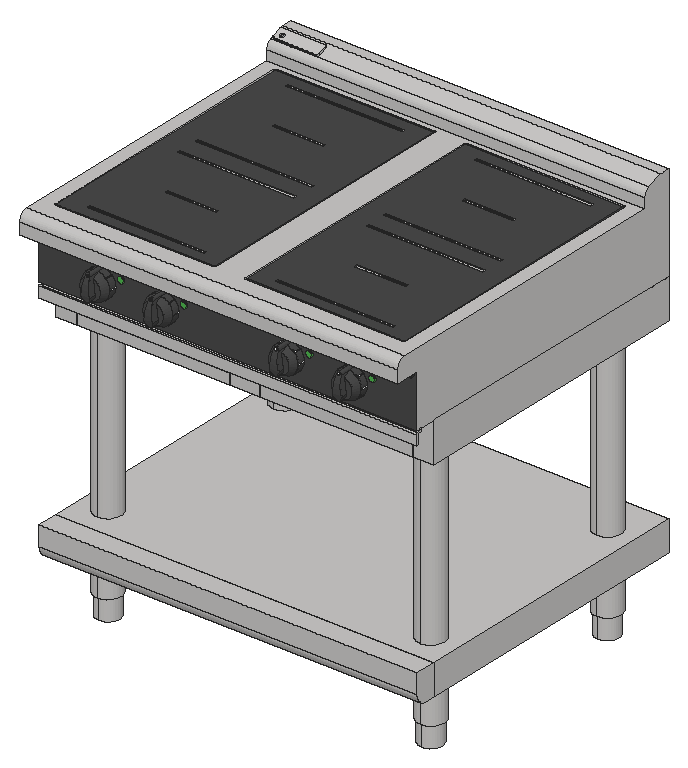
Revit family "QF_Moffat_INLB8400R5-LS_Induction_Cooktop_cat", category Specialty Equipment, Revit 2019 (continued)
Definition of nested family "QF_LOGO_Waldorf1"
  Forms (mm)
    Extrusion 1, solid
      sketch origin (0, 0, 0) x (1, 0, 0) y (0, 0.920505, 0.390731)
        loop
          spline (4, 26.711) -> (3.478, 26.681) -> (2.965, 26.593) -> (2.469, 26.447) -> (2, 26.247) -> (1.565, 25.995) -> (1.172, 25.696) -> (0.827, 25.355) -> (0.536, 24.979) -> (0.304, 24.572) -> (0.136, 24.143) -> (0.034, 23.699) -> (0, 23.247)
          line (0, 23.247) -> (0, 3.464)
          spline (0, 3.464) -> (0.034, 3.012) -> (0.136, 2.568) -> (0.304, 2.138) -> (0.536, 1.732) -> (0.827, 1.355) -> (1.172, 1.015) -> (1.565, 0.716) -> (2, 0.464) -> (2.469, 0.264) -> (2.965, 0.118) -> (3.478, 0.03) -> (4, 0)
          line (4, 0) -> (105, 0)
          spline (105, 0) -> (105.522, 0.03) -> (106.035, 0.118) -> (106.531, 0.264) -> (107, 0.464) -> (107.435, 0.716) -> (107.828, 1.015) -> (108.173, 1.355) -> (108.464, 1.732) -> (108.696, 2.138) -> (108.864, 2.568) -> (108.966, 3.012) -> (109, 3.464)
        loop
          line (14.75, 7.005) -> (14.75, 15.654)
          arc (14.75, 15.654) -> (10.425, 11.329) -> (14.75, 7.005) r 4.325
        loop
          line (15.25, 15.654) -> (15.25, 7.005)
          arc (15.25, 7.005) -> (19.575, 11.329) -> (15.25, 15.654) r 4.325
      from 0 to 3.2
    Extrusion 2, solid
      sketch origin (0, 0, 0) x (1, 0, 0) y (0, 0.920505, 0.390731)
        loop
          line (15.25, 15.654) -> (15.25, 7.005)
          arc (15.25, 7.005) -> (19.575, 11.329) -> (15.25, 15.654) r 4.325
      from 0 to 3.2
    Extrusion 3, solid
      sketch origin (16.271, 0, 0) x (-1, 0, 0) y (0, -0.920505, -0.390731)
        loop
          arc (1.521, -15.654) -> (5.846, -11.329) -> (1.521, -7.005) r 4.325
          line (1.521, -7.005) -> (1.521, -15.654)
      from 0 to 3.2
  Lines and regions (mm)
    Split face 1
      outline origin (0, -1.25, 2.946) x (1, 0, 0) y (0, 0.920505, 0.390731)
        loop
          spline (22.129, 16.975) -> (22.389, 15.984) -> (22.649, 15.002) -> (22.91, 14.028) -> (23.172, 13.065) -> (23.433, 12.11) -> (23.695, 11.166) -> (23.956, 10.232) -> (24.218, 9.308) -> (24.479, 8.396) -> (24.74, 7.495) -> (25, 6.605) -> (25.26, 5.728)
          line (25.26, 5.728) -> (29.463, 5.728)
          spline (29.463, 5.728) -> (29.582, 6.252) -> (29.701, 6.78) -> (29.82, 7.313) -> (29.939, 7.85) -> (30.058, 8.391) -> (30.178, 8.936) -> (30.297, 9.485) -> (30.416, 10.038) -> (30.536, 10.594) -> (30.655, 11.155) -> (30.775, 11.719) -> (30.894, 12.287)
          spline (30.894, 12.287) -> (31.018, 11.719) -> (31.142, 11.155) -> (31.266, 10.594) -> (31.39, 10.038) -> (31.514, 9.485) -> (31.638, 8.936) -> (31.762, 8.391) -> (31.885, 7.85) -> (32.009, 7.313) -> (32.133, 6.78) -> (32.256, 6.252) -> (32.379, 5.728)
          line (32.379, 5.728) -> (36.51, 5.728)
          spline (36.51, 5.728) -> (36.766, 6.605) -> (37.023, 7.495) -> (37.28, 8.396) -> (37.538, 9.308) -> (37.795, 10.232) -> (38.053, 11.166) -> (38.311, 12.11) -> (38.569, 13.065) -> (38.826, 14.028) -> (39.083, 15.002) -> (39.34, 15.984) -> (39.597, 16.975)
          line (39.597, 16.975) -> (35.637, 16.975)
          spline (35.637, 16.975) -> (35.523, 16.334) -> (35.41, 15.697) -> (35.296, 15.063) -> (35.182, 14.433) -> (35.068, 13.807) -> (34.954, 13.185) -> (34.84, 12.566) -> (34.726, 11.952) -> (34.612, 11.342) -> (34.497, 10.737) -> (34.383, 10.135) -> (34.269, 9.538)
          spline (34.269, 9.538) -> (34.138, 10.135) -> (34.008, 10.737) -> (33.877, 11.342) -> (33.746, 11.952) -> (33.616, 12.566) -> (33.485, 13.185) -> (33.354, 13.807) -> (33.224, 14.433) -> (33.093, 15.063) -> (32.963, 15.697) -> (32.833, 16.334) -> (32.703, 16.975)
          line (32.703, 16.975) -> (29.247, 16.975)
          spline (29.247, 16.975) -> (29.111, 16.334) -> (28.974, 15.697) -> (28.837, 15.063) -> (28.7, 14.433) -> (28.562, 13.807) -> (28.425, 13.185) -> (28.288, 12.566) -> (28.15, 11.952) -> (28.013, 11.342) -> (27.875, 10.737) -> (27.738, 10.135) -> (27.6, 9.538)
          spline (27.6, 9.538) -> (27.483, 10.135) -> (27.366, 10.737) -> (27.249, 11.342) -> (27.132, 11.952) -> (27.015, 12.566) -> (26.897, 13.185) -> (26.78, 13.807) -> (26.663, 14.433) -> (26.546, 15.063) -> (26.43, 15.697) -> (26.313, 16.334) -> (26.196, 16.975)
          line (26.196, 16.975) -> (22.129, 16.975)
    Split face 2
      outline origin (0, -1.25, 2.946) x (1, 0, 0) y (0, 0.920505, 0.390731)
        loop
          line (51.449, 5.728) -> (51.035, 6.606) -> (51.035, 11.169)
          spline (51.035, 11.169) -> (50.686, 12.42) -> (50.176, 13.224) -> (49.51, 13.708) -> (48.693, 13.995) -> (47.747, 14.152) -> (46.698, 14.207) -> (45.579, 14.186) -> (44.419, 14.114) -> (43.279, 13.929) -> (42.249, 13.481) -> (41.424, 12.614) -> (40.897, 11.169)
          line (40.897, 11.169) -> (44.617, 11.169) -> (44.988, 11.965)
          spline (44.988, 11.965) -> (47.294, 11.682) -> (46.856, 10.932) -> (45.527, 10.609) -> (43.858, 10.439) -> (42.259, 10.123) -> (41.078, 9.417) -> (40.563, 8.246) -> (40.689, 6.989) -> (41.407, 6.052) -> (42.774, 5.536) -> (44.847, 5.497) -> (47.306, 6.602)
          line (47.306, 6.602) -> (47.624, 5.728) -> (51.449, 5.728)
    Split face 3
      outline origin (0, -1.25, 2.946) x (1, 0, 0) y (0, 0.920505, 0.390731)
        loop
          line (47.264, 9.264) -> (44.938, 8.597)
          spline (44.938, 8.597) -> (44.508, 8.228) -> (44.402, 7.9) -> (44.548, 7.626) -> (44.877, 7.42) -> (45.317, 7.295) -> (45.797, 7.265) -> (46.252, 7.342) -> (46.65, 7.525) -> (46.971, 7.813) -> (47.194, 8.201) -> (47.298, 8.685) -> (47.264, 9.264)
    Split face 4
      outline origin (0, -1.25, 2.946) x (1, 0, 0) y (0, 0.920505, 0.390731)
        loop
          line (53.33, 16.975) -> (53.33, 5.728) -> (57.173, 5.728) -> (57.173, 16.975) -> (53.33, 16.975)
    Split face 5
      outline origin (0, -1.25, 2.946) x (1, 0, 0) y (0, 0.920505, 0.390731)
        loop
          line (65.795, 16.975) -> (65.795, 12.976)
          spline (65.795, 12.976) -> (63.839, 14.082) -> (62.087, 14.096) -> (60.633, 13.343) -> (59.574, 12.148) -> (58.99, 10.806) -> (58.867, 9.452) -> (59.156, 8.159) -> (59.81, 7) -> (60.786, 6.056) -> (62.111, 5.514) -> (63.868, 5.634) -> (66.137, 6.679)
          line (66.137, 6.679) -> (66.137, 5.728) -> (69.511, 5.728) -> (69.511, 16.975) -> (65.795, 16.975)
    Split face 6
      outline origin (0, -1.25, 2.946) x (1, 0, 0) y (0, 0.920505, 0.390731)
        loop
          spline (64.273, 7.499) -> (64.754, 7.57) -> (65.202, 7.777) -> (65.587, 8.106) -> (65.882, 8.535) -> (66.067, 9.034) -> (66.131, 9.57) -> (66.067, 10.106) -> (65.882, 10.605) -> (65.587, 11.034) -> (65.202, 11.363) -> (64.754, 11.57) -> (64.273, 11.64)
          spline (64.273, 11.64) -> (63.793, 11.57) -> (63.345, 11.363) -> (62.96, 11.034) -> (62.665, 10.605) -> (62.479, 10.106) -> (62.416, 9.57) -> (62.479, 9.034) -> (62.665, 8.535) -> (62.96, 8.106) -> (63.345, 7.777) -> (63.793, 7.57) -> (64.273, 7.499)
    Split face 7
      outline origin (0, -1.25, 2.946) x (1, 0, 0) y (0, 0.920505, 0.390731)
        loop
          spline (76.449, 5.305) -> (77.855, 5.457) -> (79.166, 5.901) -> (80.291, 6.607) -> (81.155, 7.527) -> (81.698, 8.599) -> (81.883, 9.749) -> (81.698, 10.899) -> (81.155, 11.97) -> (80.291, 12.891) -> (79.166, 13.597) -> (77.855, 14.041) -> (76.449, 14.192)
          spline (76.449, 14.192) -> (75.042, 14.041) -> (73.731, 13.597) -> (72.606, 12.891) -> (71.742, 11.97) -> (71.199, 10.899) -> (71.014, 9.749) -> (71.199, 8.599) -> (71.742, 7.527) -> (72.606, 6.607) -> (73.731, 5.901) -> (75.042, 5.457) -> (76.449, 5.305)
    Split face 8
      outline origin (0, -1.25, 2.946) x (1, 0, 0) y (0, 0.920505, 0.390731)
        loop
          spline (76.449, 7.654) -> (76.841, 7.725) -> (77.206, 7.934) -> (77.52, 8.267) -> (77.76, 8.701) -> (77.912, 9.206) -> (77.963, 9.749) -> (77.912, 10.291) -> (77.76, 10.796) -> (77.52, 11.23) -> (77.206, 11.563) -> (76.841, 11.772) -> (76.449, 11.843)
          spline (76.449, 11.843) -> (76.057, 11.772) -> (75.691, 11.563) -> (75.378, 11.23) -> (75.137, 10.796) -> (74.986, 10.291) -> (74.934, 9.749) -> (74.986, 9.206) -> (75.137, 8.701) -> (75.378, 8.267) -> (75.691, 7.934) -> (76.057, 7.725) -> (76.449, 7.654)
    Split face 9
      outline origin (0, -1.25, 2.946) x (1, 0, 0) y (0, 0.920505, 0.390731)
        loop
          line (86.998, 12.335) -> (86.998, 13.879) -> (83.479, 13.879) -> (83.479, 5.728) -> (87.312, 5.728) -> (87.312, 8.975)
          spline (87.312, 8.975) -> (87.364, 9.356) -> (87.458, 9.686) -> (87.594, 9.968) -> (87.769, 10.204) -> (87.982, 10.398) -> (88.229, 10.55) -> (88.509, 10.666) -> (88.82, 10.746) -> (89.16, 10.794) -> (89.525, 10.812) -> (89.915, 10.803) -> (90.327, 10.77)
          line (90.327, 10.77) -> (90.327, 14.113)
          spline (90.327, 14.113) -> (89.929, 14.127) -> (89.552, 14.111) -> (89.197, 14.066) -> (88.865, 13.991) -> (88.554, 13.887) -> (88.266, 13.754) -> (87.999, 13.591) -> (87.755, 13.399) -> (87.532, 13.177) -> (87.332, 12.926) -> (87.154, 12.645) -> (86.998, 12.335)
    Split face 10
      outline origin (0, -1.25, 2.946) x (1, 0, 0) y (0, 0.920505, 0.390731)
        loop
          line (92.082, 13.879) -> (90.894, 13.879) -> (90.894, 11.972) -> (92.082, 11.972) -> (92.082, 5.728) -> (95.871, 5.728) -> (95.871, 11.972) -> (97.5, 11.972) -> (97.5, 13.879) -> (95.871, 13.879)
          spline (95.871, 13.879) -> (95.843, 14.088) -> (95.845, 14.278) -> (95.877, 14.447) -> (95.939, 14.596) -> (96.03, 14.726) -> (96.151, 14.835) -> (96.301, 14.925) -> (96.482, 14.995) -> (96.692, 15.045) -> (96.931, 15.075) -> (97.201, 15.085) -> (97.5, 15.076)
          line (97.5, 15.076) -> (97.5, 17.266) -> (95.367, 17.266)
          spline (95.367, 17.266) -> (94.982, 17.253) -> (94.58, 17.21) -> (94.174, 17.132) -> (93.774, 17.013) -> (93.39, 16.846) -> (93.034, 16.627) -> (92.717, 16.349) -> (92.448, 16.007) -> (92.24, 15.595) -> (92.102, 15.106) -> (92.046, 14.537) -> (92.082, 13.879)
  Dimensions and locks
    equal spacing: plane 3 "LEFT", plane 7 "Center Y", plane 4 "RIGHT"
    "Length": plane 3 "LEFT" to plane 4 "RIGHT"
    equal spacing: plane 5 "FRONT", plane 8 "Center X", plane 1 "BACK"
    "Depth": plane 5 "FRONT" to plane 1 "BACK"
    "Height": plane 6 "TOP" to level
    plane 4 "RIGHT" to plane 3 "LEFT" = 138 mm
    aligned and locked: level to plane 2
  Automatic sketch dimensions
    Extrusion 1 sketch curve to plane 3 "LEFT" = 0 mm
    plane 3 "LEFT" to Extrusion 1 sketch curve = 4 mm  (x2)
    Extrusion 1 sketch curve to Extrusion 1 sketch curve = 10.75 mm
    Extrusion 1 sketch curve to Extrusion 1 sketch curve = 0.5 mm
    plane 4 "RIGHT" to Extrusion 1 sketch curve = 33 mm
    Extrusion 1 sketch curve to Extrusion 1 sketch curve = 0 mm  (x3)
    Extrusion 1 sketch curve to Extrusion 1 sketch curve = 4 mm
    Extrusion 1 sketch curve to Extrusion 1 sketch curve = 3.464 mm  (x3)
    Extrusion 1 sketch curve to Extrusion 1 sketch curve = 3.541 mm
    Extrusion 1 sketch curve to Extrusion 1 sketch curve = 4.325 mm
    Extrusion 1 sketch curve to Extrusion 1 sketch curve = 19.783 mm
    Extrusion 1 sketch curve to Extrusion 1 sketch curve = 7.592 mm
    plane 3 "LEFT" to Extrusion 2 sketch curve = 15.25 mm
    Extrusion 2 sketch curve to Extrusion 2 sketch curve = 4.325 mm
    plane 3 "LEFT" to Extrusion 3 sketch curve = 14.75 mm
    Extrusion 3 sketch curve to Extrusion 3 sketch curve = 4.325 mm
    Extrusion 1 to Split face 1 sketch curve = 6.879 mm
    Split face 1 sketch curve to Extrusion 1 = 5.728 mm
    Split face 1 sketch curve to Split face 1 sketch curve = 3.132 mm
    Split face 1 sketch curve to Split face 1 sketch curve = 4.068 mm
    Split face 1 sketch curve to Split face 1 sketch curve = 3.051 mm
    Split face 1 sketch curve to Split face 1 sketch curve = 4.203 mm
    Split face 1 sketch curve to Split face 1 sketch curve = 2.916 mm
    Split face 1 sketch curve to Split face 1 sketch curve = 3.456 mm
    Split face 1 sketch curve to Split face 1 sketch curve = 2.934 mm
    Split face 1 sketch curve to Split face 1 sketch curve = 4.131 mm
    Split face 1 sketch curve to Split face 1 sketch curve = 3.96 mm
    Split face 1 sketch curve to Split face 1 sketch curve = 0 mm  (x2)
    Split face 1 sketch curve to Extrusion 1 = 9.736 mm  (x2)
    Extrusion 1 to Split face 1 sketch curve = 6.337 mm
    Extrusion 1 to Split face 1 sketch curve = 6.231 mm
    Extrusion 1 to Split face 1 sketch curve = 3.184 mm
    Extrusion 1 to Split face 1 sketch curve = 13.135 mm
    Split face 1 sketch curve to Split face 1 sketch curve = 4.652 mm
    Split face 1 sketch curve to Split face 1 sketch curve = 3.593 mm
    Split face 1 sketch curve to Split face 1 sketch curve = 1.863 mm
    Split face 1 sketch curve to Split face 1 sketch curve = 0.713 mm
    Split face 1 sketch curve to Split face 1 sketch curve = 2.684 mm
    Split face 1 sketch curve to Split face 1 sketch curve = 3.294 mm
    Split face 1 sketch curve to Split face 1 sketch curve = 0.459 mm
    Split face 1 sketch curve to Split face 1 sketch curve = 2.775 mm
    Split face 1 sketch curve to Split face 1 sketch curve = 1.89 mm
    Split face 1 sketch curve to Split face 1 sketch curve = 0.685 mm
    Split face 1 sketch curve to Split face 1 sketch curve = 9.486 mm
    Split face 1 sketch curve to Split face 1 sketch curve = 16.213 mm
    Split face 1 sketch curve to Split face 1 sketch curve = 3.48 mm
    Split face 1 sketch curve to Split face 1 sketch curve = 4.918 mm
    Split face 1 sketch curve to Split face 1 sketch curve = 7.609 mm
    Split face 1 sketch curve to Split face 1 sketch curve = 0.01 mm  (x2)
    Split face 1 sketch curve to Split face 1 sketch curve = 0.002 mm
    Split face 2 sketch curve to Extrusion 1 = 11.169 mm
    Extrusion 1 to Split face 2 sketch curve = 25.647 mm
    Split face 2 sketch curve to Split face 2 sketch curve = 3.72 mm
    Split face 2 sketch curve to Extrusion 1 = 11.965 mm
    Split face 2 sketch curve to Split face 2 sketch curve = 0.371 mm
    Split face 2 sketch curve to Extrusion 1 = 6.602 mm
    Split face 2 sketch curve to Split face 2 sketch curve = 2.689 mm
    Split face 2 sketch curve to Split face 2 sketch curve = 0.318 mm
    Split face 2 sketch curve to Split face 2 sketch curve = 3.729 mm
    Split face 2 sketch curve to Split face 2 sketch curve = 0.414 mm
    Split face 2 sketch curve to Split face 2 sketch curve = 0.875 mm
    Split face 2 sketch curve to Split face 2 sketch curve = 0.878 mm
    Split face 3 sketch curve to Extrusion 1 = 8.597 mm
    Extrusion 1 to Split face 3 sketch curve = 29.688 mm
    Split face 3 sketch curve to Extrusion 1 = 9.264 mm
    Split face 3 sketch curve to Split face 3 sketch curve = 2.326 mm
    Split face 4 sketch curve to Extrusion 1 = 5.728 mm
    Extrusion 1 to Split face 4 sketch curve = 38.08 mm
    Split face 4 sketch curve to Split face 4 sketch curve = 3.843 mm
    Split face 4 sketch curve to Extrusion 1 = 9.736 mm
    Split face 5 sketch curve to Extrusion 1 = 9.736 mm
    Split face 5 sketch curve to Extrusion 1 = 43.205 mm
    Split face 5 sketch curve to Extrusion 1 = 6.679 mm
    Split face 5 sketch curve to Split face 5 sketch curve = 0.342 mm
    Split face 5 sketch curve to Split face 5 sketch curve = 3.375 mm
    Split face 5 sketch curve to Split face 5 sketch curve = 0.952 mm
    Split face 5 sketch curve to Split face 5 sketch curve = 3.998 mm
    Split face 6 sketch curve to Extrusion 1 = 7.499 mm
    Split face 6 sketch curve to Extrusion 1 = 44.727 mm
    Split face 6 sketch curve to Split face 6 sketch curve = 2.07 mm
    Split face 7 sketch curve to Extrusion 1 = 5.305 mm
    Split face 7 sketch curve to Extrusion 1 = 32.551 mm
    Split face 7 sketch curve to Split face 7 sketch curve = 4.443 mm
    Split face 8 sketch curve to Extrusion 1 = 7.654 mm
    Split face 8 sketch curve to Extrusion 1 = 32.551 mm
    Split face 8 sketch curve to Split face 8 sketch curve = 2.095 mm
    Split face 9 sketch curve to Extrusion 1 = 5.728 mm
    Split face 9 sketch curve to Extrusion 1 = 25.521 mm
    Split face 9 sketch curve to Split face 9 sketch curve = 3.519 mm
    Split face 9 sketch curve to Split face 9 sketch curve = 0.315 mm
    Split face 9 sketch curve to Split face 9 sketch curve = 3.33 mm
    Split face 9 sketch curve to Split face 9 sketch curve = 3.248 mm
    Split face 9 sketch curve to Split face 9 sketch curve = 1.795 mm
    Split face 9 sketch curve to Split face 9 sketch curve = 3.36 mm
    Split face 9 sketch curve to Split face 9 sketch curve = 1.545 mm
    Split face 9 sketch curve to Split face 9 sketch curve = 0.233 mm
    Split face 10 sketch curve to Extrusion 1 = 18.106 mm
    Split face 10 sketch curve to Split face 10 sketch curve = 1.188 mm  (x2)
    Split face 10 sketch curve to Split face 10 sketch curve = 3.285 mm
    Split face 10 sketch curve to Split face 10 sketch curve = 3.789 mm
    Split face 10 sketch curve to Split face 10 sketch curve = 0 mm  (x2)
    Split face 10 sketch curve to Split face 10 sketch curve = 1.629 mm
    Split face 10 sketch curve to Split face 10 sketch curve = 2.133 mm
    Split face 10 sketch curve to Extrusion 1 = 5.728 mm
    Split face 10 sketch curve to Split face 10 sketch curve = 6.245 mm
    Split face 10 sketch curve to Split face 10 sketch curve = 1.907 mm  (x2)
    Split face 10 sketch curve to Split face 10 sketch curve = 1.197 mm
    Split face 10 sketch curve to Split face 10 sketch curve = 2.19 mm
Types (2, lengths in mm): name | Volts | Cycle | Apparent Power
  INLB8400R5-LS_415/60/3 | 415 V | 60 Hz | 20102.6 VA
  INLB8400R5-LS_400/50/3 | 400 V | 50 Hz | 19376 VA
